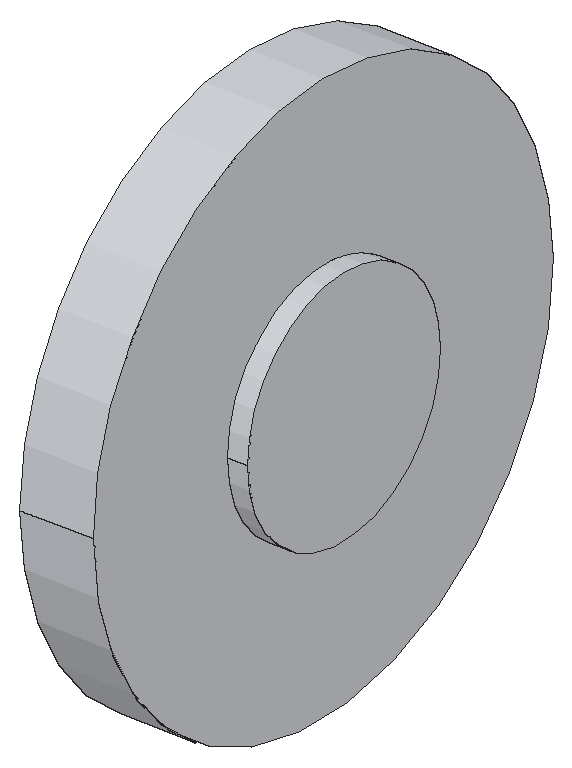
Revit family "M_Flange - Rosqueada - GI - Classe 250", category Conexões de tubo, Revit 2019
Family settings
  Cota do conector redondo = Usar raio
  Tipo de parte = Flange
  Número OmniClass = 23.60.30.11.14
  Título OmniClass = Pipework Fittings
  ID de item do Seek = Flange - Threaded - GI - Class 250-0000-CAN-ENU
  Com base no plano de trabalho = Não
  Sempre na vertical = Sim
  Corte com vazios quando carregada = Não
  Compartilhado = Não
Parameters (values of type "Padrão")
  Tamanho da marca de revisão [instance] = Diâmetro da flange * 0.4  # 49.6 mm
  Espessura da face elevada [instance] = 1.587 mm  # constant formula
  Raio da face elevada [instance] = Diâmetro da face elevada / 2  # 34 mm
  Diâmetro da face elevada [instance] = size_lookup(Nome da tabela de pesquisa, "RFD", 1.2 * Diâmetro nominal + 50.899 mm, Diâmetro nominal)  # 68 mm
  Raio nominal [instance] = 12.5 mm
  Diâmetro nominal [instance] = Raio nominal * 2  # 25 mm
  Método de perda = Não definido
  Nome da tabela de pesquisa = "M_Flange - Threaded - GI - Class 250"
  Comprimento [instance] = size_lookup(Nome da tabela de pesquisa, "Lgt", 0.13 * Diâmetro nominal + 26.987 mm, Diâmetro nominal)  # 22 mm
  Raio do hub [instance] = Diâmetro do hub / 2  # 26 mm
  Diâmetro do hub [instance] = size_lookup(Nome da tabela de pesquisa, "HDia", 1.12 * Diâmetro nominal + 30.857 mm, Diâmetro nominal)  # 52 mm
  Espessura do flange [instance] = size_lookup(Nome da tabela de pesquisa, "FThk", 0.08 * Diâmetro nominal + 21.53 mm, Diâmetro nominal)  # 17.5 mm
  Raio da flange [instance] = Diâmetro da flange / 2  # 62 mm
  Diâmetro da flange [instance] = size_lookup(Nome da tabela de pesquisa, "FDia", 1.34 * Diâmetro nominal + 106.362 mm, Diâmetro nominal)  # 124 mm
Reference planes
  plane 1 "Centro (Frente/Trás)": y = 0
  plane 2: z = 0
  plane 3 "Centro (Esquerda/Direita)": x = 0
  plane 4: y = 49.6
  plane 5: y = -49.6
  plane 6: x = 17.5
  plane 7: x = 22
  plane 8: x = 1.588
Forms (mm)
  Sweep 1, solid, detail levels fine
    path in 3D
      loop
        line (0, 0, 0) -> (1.588, 0, 0)
    profile origin (0.794, 0, 0) x (0, 1, 0) y (0, 0, 1)
      loop
        circle (0, 0) r 34
  Sweep 2, solid, detail levels fine
    path in 3D
      loop
        line (1.588, 0, 0) -> (17.5, 0, 0)
    profile origin (9.544, 0, 0) x (0, 1, 0) y (0, 0, 1)
      loop
        circle (0, 0) r 62
  Sweep 3, solid, detail levels fine
    path in 3D
      loop
        line (17.5, 0, 0) -> (22, 0, 0)
    profile origin (19.75, 0, 0) x (0, 1, 0) y (0, 0, 1)
      loop
        circle (0, 0) r 26
Cuts and joins
  joined: Sweep 1, Sweep 2, Sweep 3
Lines and regions (mm)
  model lines, detail levels coarse+medium
    curve 1: line (17.5, 49.6, 0) -> (17.5, -49.6, 0)
    curve 2: line (0, 0, 0) -> (1.588, 0, 0)
    curve 3: line (1.588, 0, 0) -> (17.5, 0, 0)
    curve 4: line (17.5, 0, 0) -> (22, 0, 0)
  sketch lines
    curve 5: line (0, 0, 0) -> (1.588, 0, 0)
    curve 6: line (1.588, 0, 0) -> (17.5, 0, 0)
    curve 7: line (17.5, 0, 0) -> (22, 0, 0)
Dimensions and locks
  equal spacing: plane 4, plane 1 "Centro (Frente/Trás)", plane 5
  "Tamanho da marca de revisão": plane 4 to plane 1 "Centro (Frente/Trás)"
  "Espessura do flange": plane 3 "Centro (Esquerda/Direita)" to plane 6
  "Comprimento": plane 3 "Centro (Esquerda/Direita)" to plane 7
  "Espessura da face elevada": plane 3 "Centro (Esquerda/Direita)" to plane 8
  "Raio da face elevada": radius of Sweep 1 sketch curve
  "Raio da flange": radius of Sweep 2 sketch curve
  "Raio do hub": radius of Sweep 3 sketch curve
  aligned and locked: plane 4 to curve 1
  aligned and locked: plane 5 to curve 1
  aligned and locked: curve 1 to plane 6
  aligned and locked: plane 3 "Centro (Esquerda/Direita)" to curve 2
  aligned and locked: plane 1 "Centro (Frente/Trás)" to curve 2
  aligned and locked: plane 8 to curve 3
  aligned and locked: plane 1 "Centro (Frente/Trás)" to curve 3
  aligned and locked: plane 7 to curve 4
  aligned and locked: plane 6 to curve 4
  aligned and locked: plane 1 "Centro (Frente/Trás)" to curve 4
Automatic sketch dimensions
  Sweep 1 sketch curve to profile plane = 0 mm  (x2)
  Sweep 2 sketch curve to profile plane = 0 mm  (x2)
  Sweep 3 sketch curve to profile plane = 0 mm  (x2)
Connectors
  piping at (0, 0, 0), diameter 25, driven by "Raio nominal"
    settings: on cut or joined group of Sweep 1, Sweep 2, Sweep 3, index 1, connector inside diameter 25 mm, connector length 0 mm, flow factor 0, pipe flow 0.0 L/s, pressure drop 0.0 Pa, fitting loss kfactor 0, connector angle 0.00°, fixture units 0, engagement length 0 mm, angle of deflection 0.00°, flow configuration 0, flow direction 0, fitting loss method 0, system type 28, joint type 0, gender type 0, connector reference index 2, connector utility 0, adjustable connector no, is connector primary yes, connector description ""
  piping at (22, 0, 0), diameter 25, driven by "Raio nominal"
    settings: on cut or joined group of Sweep 1, Sweep 2, Sweep 3, index 2, connector inside diameter 25 mm, connector length 0 mm, flow factor 0, pipe flow 0.0 L/s, pressure drop 0.0 Pa, fitting loss kfactor 0, connector angle 0.00°, fixture units 0, engagement length 0 mm, angle of deflection 0.00°, flow configuration 0, flow direction 0, fitting loss method 0, system type 28, joint type 0, gender type 0, connector reference index 1, connector utility 0, adjustable connector no, is connector primary no, connector description ""
